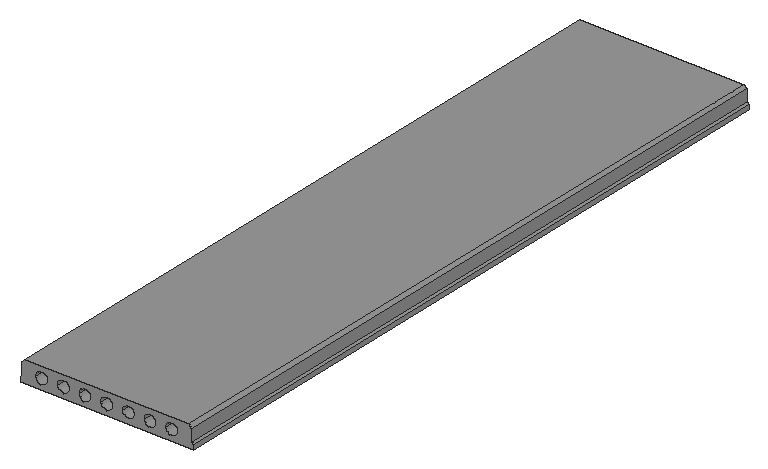
Revit family "Laje_Alveolar_01", category Structural Framing, Revit 2020
Family settings
  Structural Framing Length Roundoff = 0.000 m
  Section Shape = Not Defined
  Material for Model Behavior = Other
  Always export as geometry = No
  Work Plane-Based = No
  Always vertical = Yes
  Cut with Voids When Loaded = No
  Symbolic Representation = From Family
  Shared = No
  Show family pre-cut in plan views = Yes
Parameters (values of type "Laje_alv_15")
  Structural Material [instance] = Concrete, Precast
  Laje_alv_Vao [instance] = 5.000 m
  Laje_alv_Raio = Laje_alv_Altura / 3.5  # 0.042857 m
  Laje_alv_Largura = 1.250 m
  Laje_alv_Altura = 0.150 m
Types (3, lengths in m): name | Laje_alv_Raio | Laje_alv_Altura
  Laje_alv_25 | 0.071429 | 0.250
  Laje_alv_15 | 0.042857 | 0.150
  Laje_alv_20 | 0.057143 | 0.200
Reference planes (m)
  plane 1 "Center (Front/Back)": y = 0
  plane 2: z = 0
  plane 3 "Center (Left/Right)": x = 0
  plane 4: z = -0.15
  plane 5: x = 1.25
  plane 6: z = -0.075
  plane 7: x = 0.15625
  plane 8: x = 0.3125
  plane 9: x = 0.46875
  plane 10: x = 0.625
  plane 11: x = 0.78125
  plane 12: x = 0.9375
  plane 13: x = 1.09375
  plane 14: y = 5
Forms (m)
  Extrusion 1, solid, material "Concrete, Precast" <- "Structural Material"
    sketch origin (0, 0, 0) x (1, 0, 0) y (0, 0, 1)
      loop
        line (0.035, 0) -> (0.014142, -0.020858) -> (0.014142, -0.105858) -> (0, -0.12) -> (0, -0.15) -> (1.25, -0.15) -> (1.25, -0.12) -> (1.235858, -0.105858) -> (1.235858, -0.020858) -> (1.215, 0) -> (0.035, 0)
      loop
        circle (0.15625, -0.075) r 0.042857
      loop
        circle (0.3125, -0.075) r 0.042857
      loop
        circle (0.46875, -0.075) r 0.042857
      loop
        circle (0.625, -0.075) r 0.042857
      loop
        circle (0.78125, -0.075) r 0.042857
      loop
        circle (0.9375, -0.075) r 0.042857
      loop
        circle (1.09375, -0.075) r 0.042857
    from 0 to -5
Dimensions and locks (m)
  "Laje_alv_Altura": plane 2 to plane 4
  "Laje_alv_Largura": plane 5 to plane 3 "Center (Left/Right)"
  "Laje_alv_Vao": plane 14 to plane 1 "Center (Front/Back)"
  equal spacing: level, plane 6, plane 4
  "Laje_alv_Raio": radius of Extrusion 1 sketch curve  (x7)
  aligned and locked: level to plane 2
  aligned and locked: Extrusion 1 sketch curve to plane 2
  aligned and locked: Extrusion 1 sketch curve to plane 3 "Center (Left/Right)"
  aligned and locked: plane 4 to Extrusion 1 sketch curve
  aligned and locked: plane 14 to Extrusion 1
Automatic sketch dimensions
  Extrusion 1 sketch curve to plane 6 = 0.000 m  (x7)
  Extrusion 1 sketch curve to plane 7 = 0.000 m
  Extrusion 1 sketch curve to plane 8 = 0.000 m
  Extrusion 1 sketch curve to plane 9 = 0.000 m
  Extrusion 1 sketch curve to plane 10 = 0.000 m
  Extrusion 1 sketch curve to plane 11 = 0.000 m
  Extrusion 1 sketch curve to plane 12 = 0.000 m
  Extrusion 1 sketch curve to plane 13 = 0.000 m
  Extrusion 1 sketch curve to plane 5 = 0.000 m
  plane 3 "Center (Left/Right)" to Extrusion 1 sketch curve = 0.014142 m
  Extrusion 1 sketch curve to Extrusion 1 sketch curve = 0.020858 m
  Extrusion 1 sketch curve to plane 5 = 0.035 m
  Extrusion 1 sketch curve to plane 5 = 0.014142 m
  Extrusion 1 sketch curve to Extrusion 1 sketch curve = 0.030 m  (x2)
  Extrusion 1 sketch curve to Extrusion 1 sketch curve = 0.014142 m  (x2)
  Extrusion 1 sketch curve to level = 0.020858 m  (x2)
